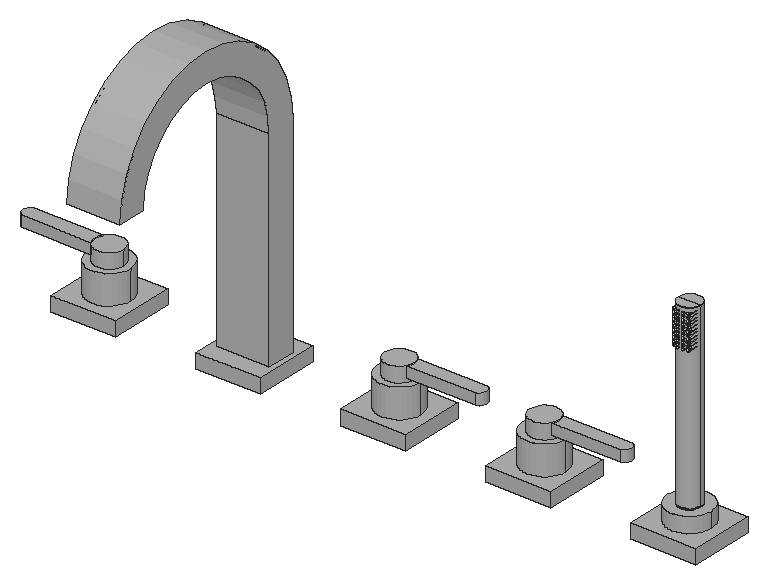
Revit family "SB-2533_SPEC-02", category Plumbing Fixtures, Revit 2023
Family settings
  Round Connector Dimension = Use Diameter
  Part Type = Normal
  OmniClass Number = 23.45.00.00
  OmniClass Title = Sanitary, Laundry, and Cleaning Equipment
  Work Plane-Based = No
  Enable Cutting in Views = No
  Always vertical = Yes
  Cut with Voids When Loaded = No
  Maintain Annotation Orientation = No
  Shared = No
  Room Calculation Point = No
Parameters
  Default Elevation = 0' - 0"
Reference planes (in)
  plane 1 "Center (Front/Back)": y = 0
  plane 2: z = 0
  plane 3 "Center (Left/Right)": x = 0
  plane 4: x = -41.51022
  plane 5: x = -39.26022
  plane 6: z = 0.5
  plane 7: y = -1.125
  plane 8: y = 1.125
  plane 9: z = 1.5
  plane 10: z = 2
  plane 11: x = -40.38522
  plane 12: x = -43.38522
  plane 13: x = -30.38522
  plane 14: x = -25.38522
  plane 15: x = -20.38522
  plane 16: x = -35.38522
  plane 17: z = 11.8125
  plane 18: y = -6.4375
Forms (in)
  Extrusion 1, solid, material "Metal Finishes"
    sketch origin (0, 0, 0) x (1, 0, 0) y (0, 0, 1)
      loop
        line (-41.51022, 0.5) -> (-41.51022, 0) -> (-39.26022, 0) -> (-39.26022, 0.5) -> (-41.51022, 0.5)
    from -1.125 to 1.125
  Extrusion 2, solid, material "Metal Finishes"
    sketch origin (0, 0, 0) x (1, 0, 0) y (0, 1, 0)
      loop
        circle (-40.38522, 0) r 0.75
    from 0.5 to 1.5
  Extrusion 3, solid, material "Metal Finishes"
    sketch origin (0, 0, 0) x (1, 0, 0) y (0, 1, 0)
      loop
        circle (-40.38522, 0) r 0.5
    from 1.5 to 2
  Extrusion 4, solid, material "Metal Finishes"
    sketch origin (0, 0, 0) x (1, 0, 0) y (0, 1, 0)
      loop
        line (-40.81823, 0.25) -> (-43.20665, 0.25)
        arc (-43.20665, 0.25) -> (-43.38522, 0) -> (-43.20665, -0.25) r 0.26429
        line (-43.20665, -0.25) -> (-40.81823, -0.25)
        arc (-40.81823, -0.25) -> (-40.88522, 0) -> (-40.81823, 0.25) r 0.5
    from 1.63019 to 2
  Extrusion 5, solid, material "Metal Finishes"
    sketch origin (10, 0, 0) x (1, 0, 0) y (0, 0, 1)
      loop
        line (-41.51022, 0.5) -> (-41.51022, 0) -> (-39.26022, 0) -> (-39.26022, 0.5) -> (-41.51022, 0.5)
    from -1.125 to 1.125
  Extrusion 6, solid, material "Metal Finishes"
    sketch origin (10, 0, 0) x (1, 0, 0) y (0, 1, 0)
      loop
        circle (-40.38522, 0) r 0.75
    from 0.5 to 1.5
  Extrusion 7, solid, material "Metal Finishes"
    sketch origin (10, 0, 0) x (1, 0, 0) y (0, 1, 0)
      loop
        circle (-40.38522, 0) r 0.5
    from 1.5 to 2
  Extrusion 8, solid, material "Metal Finishes"
    sketch origin (15, 0, 0) x (1, 0, 0) y (0, 0, 1)
      loop
        line (-41.51022, 0.5) -> (-41.51022, 0) -> (-39.26022, 0) -> (-39.26022, 0.5) -> (-41.51022, 0.5)
    from -1.125 to 1.125
  Extrusion 9, solid, material "Metal Finishes"
    sketch origin (15, 0, 0) x (1, 0, 0) y (0, 1, 0)
      loop
        circle (-40.38522, 0) r 0.75
    from 0.5 to 1.5
  Extrusion 10, solid, material "Metal Finishes"
    sketch origin (15, 0, 0) x (1, 0, 0) y (0, 1, 0)
      loop
        circle (-40.38522, 0) r 0.5
    from 1.5 to 2
  Extrusion 11, solid, material "Metal Finishes"
    sketch origin (5, 0, 0) x (1, 0, 0) y (0, 0, 1)
      loop
        line (-41.51022, 0.5) -> (-41.51022, 0) -> (-39.26022, 0) -> (-39.26022, 0.5) -> (-41.51022, 0.5)
    from -1.125 to 1.125
  Extrusion 12, solid, material "Metal Finishes"
    sketch origin (20, 0, 0) x (1, 0, 0) y (0, 0, 1)
      loop
        line (-41.51022, 0.5) -> (-41.51022, 0) -> (-39.26022, 0) -> (-39.26022, 0.5) -> (-41.51022, 0.5)
    from -1.125 to 1.125
  Extrusion 13, solid, material "Metal Finishes"
    sketch origin (-70.77043, 0, 0) x (-1, 0, 0) y (0, -1, 0)
      loop
        arc (-40.81823, -0.25) -> (-40.88522, 0) -> (-40.81823, 0.25) r 0.5
        line (-40.81823, 0.25) -> (-43.20665, 0.25)
        arc (-43.20665, 0.25) -> (-43.38522, 0) -> (-43.20665, -0.25) r 0.26429
        line (-43.20665, -0.25) -> (-40.81823, -0.25)
    from 1.63019 to 2
  Extrusion 14, solid, material "Metal Finishes"
    sketch origin (-65.77043, 0, 0) x (-1, 0, 0) y (0, -1, 0)
      loop
        arc (-40.81823, -0.25) -> (-40.88522, 0) -> (-40.81823, 0.25) r 0.5
        line (-40.81823, 0.25) -> (-43.20665, 0.25)
        arc (-43.20665, 0.25) -> (-43.38522, 0) -> (-43.20665, -0.25) r 0.26429
        line (-43.20665, -0.25) -> (-40.81823, -0.25)
    from 1.63019 to 2
  Sweep 15, solid, material "Metal Finishes"
    path origin (0, 0, 0) x (0, 1, 0) y (0, 0, 1)
      loop
        line (0, 0.5) -> (0, 7.70117)
        arc (0, 7.70117) -> (-3.21875, 10.91992) -> (-6.4375, 7.70117) r 3.21875
    profile origin (0, 0, 4.10059) x (0, -1, 0) y (1, 0, 0)
      loop
        line (-0.5, -36.29522) -> (0.5, -36.29522) -> (0.5, -34.47663) -> (-0.5, -34.47663) -> (-0.5, -36.29522)
      loop
        line (-0.4375, -36.23272) -> (0.4375, -36.23272) -> (0.4375, -34.53913) -> (-0.4375, -34.53913) -> (-0.4375, -36.23272)
  Extrusion 16, solid, material "Metal Finishes"
    sketch origin (0, 0, 0) x (1, 0, 0) y (0, 1, 0)
      loop
        circle (-20.38522, 0) r 0.75
    from 0.5 to 1.02332
  Extrusion 17, solid, material "Shower Put"
    sketch origin (0, 0, 0) x (1, 0, 0) y (0, 0, 1)
      loop
        circle (-20.30968, 7.08398) r 0.03983
      loop
        circle (-20.30968, 6.97261) r 0.03983
      loop
        circle (-20.30968, 6.86123) r 0.03983
      loop
        circle (-20.30968, 6.74986) r 0.03983
      loop
        circle (-20.30968, 6.63849) r 0.03983
      loop
        circle (-20.30968, 6.52712) r 0.03983
      loop
        circle (-20.30968, 6.41575) r 0.03983
      loop
        circle (-20.30968, 6.30438) r 0.03983
      loop
        circle (-20.30968, 6.193) r 0.03983
      loop
        circle (-20.30968, 6.08163) r 0.03983
      loop
        circle (-20.30968, 5.97026) r 0.03983
    from 0 to 0.39084
  Extrusion 18, solid, material "Shower Put"
    sketch origin (0.15895, 0, 0) x (1, 0, 0) y (0, 0, 1)
      loop
        circle (-20.30968, 7.08398) r 0.03983
      loop
        circle (-20.30968, 6.97261) r 0.03983
      loop
        circle (-20.30968, 6.86123) r 0.03983
      loop
        circle (-20.30968, 6.74986) r 0.03983
      loop
        circle (-20.30968, 6.63849) r 0.03983
      loop
        circle (-20.30968, 6.52712) r 0.03983
      loop
        circle (-20.30968, 6.41575) r 0.03983
      loop
        circle (-20.30968, 6.30438) r 0.03983
      loop
        circle (-20.30968, 6.193) r 0.03983
      loop
        circle (-20.30968, 6.08163) r 0.03983
      loop
        circle (-20.30968, 5.97026) r 0.03983
    from 0 to 0.34919
  Extrusion 19, solid, material "Shower Put"
    sketch origin (-0.17714, 0, 0) x (1, 0, 0) y (0, 0, 1)
      loop
        circle (-20.30968, 7.08398) r 0.03983
      loop
        circle (-20.30968, 6.97261) r 0.03983
      loop
        circle (-20.30968, 6.86123) r 0.03983
      loop
        circle (-20.30968, 6.74986) r 0.03983
      loop
        circle (-20.30968, 6.63849) r 0.03983
      loop
        circle (-20.30968, 6.52712) r 0.03983
      loop
        circle (-20.30968, 6.41575) r 0.03983
      loop
        circle (-20.30968, 6.30438) r 0.03983
      loop
        circle (-20.30968, 6.193) r 0.03983
      loop
        circle (-20.30968, 6.08163) r 0.03983
      loop
        circle (-20.30968, 5.97026) r 0.03983
    from 0 to 0.39084
  Extrusion 20, solid, material "Shower Put"
    sketch origin (-0.33672, 0, 0) x (1, 0, 0) y (0, 0, 1)
      loop
        circle (-20.30968, 7.08398) r 0.03983
      loop
        circle (-20.30968, 6.97261) r 0.03983
      loop
        circle (-20.30968, 6.86123) r 0.03983
      loop
        circle (-20.30968, 6.74986) r 0.03983
      loop
        circle (-20.30968, 6.63849) r 0.03983
      loop
        circle (-20.30968, 6.52712) r 0.03983
      loop
        circle (-20.30968, 6.41575) r 0.03983
      loop
        circle (-20.30968, 6.30438) r 0.03983
      loop
        circle (-20.30968, 6.193) r 0.03983
      loop
        circle (-20.30968, 6.08163) r 0.03983
      loop
        circle (-20.30968, 5.97026) r 0.03983
    from 0 to 0.34919
  Revolve 21, solid, material "Metal Finishes"
    sketch origin (0, 0, 0) x (1, 0, 0) y (0, 0, 1)
      loop
        line (-20.38522, 7.26367) -> (-20.38522, 1.02332) -> (-20.00086, 1.02332) -> (-20.03051, 1.03912) -> (-20.00086, 1.05988) -> (-20.00086, 7.23864) -> (-20.03908, 7.23864) -> (-20.00196, 7.26367) -> (-20.38522, 7.26367)
      axis (-20.38522, 1.02332) -> (-20.38522, 7.26367)
    angle from 0 to 360
Dimensions and locks (in)
  plane 17 to level = 0' - 11 13/16"  (x2)
  plane 18 to plane 1 "Center (Front/Back)" = 0' - 6 7/16"  (x2)
  Extrusion 12 to plane 12 = 2' - 0 1/8"
  plane 11 to plane 13 = 0' - 10"
  plane 13 to plane 14 to plane 15 = 0' - 5", 0' - 5"
  Extrusion 11 to Extrusion 11 = 0' - 2 1/4"
  Extrusion 12 to Extrusion 12 = 0' - 2 1/4"
  Extrusion 8 to Extrusion 8 = 0' - 2 1/4"
  plane 7 to plane 8 = 0' - 2 1/4"  (x2)
  plane 7 to plane 1 "Center (Front/Back)" = 0' - 1 1/8"
  plane 1 "Center (Front/Back)" to plane 8 = 0' - 1 1/8"
  Sweep 15 to plane 8 = 0' - 8 1/16"
  aligned and locked: level to plane 2
  aligned and locked: Extrusion 1 sketch curve to plane 6
  aligned and locked: plane 4 to Extrusion 1 sketch curve
  aligned and locked: Extrusion 1 sketch curve to plane 5
  aligned and locked: Extrusion 1 to plane 8
  aligned and locked: Extrusion 1 to plane 7
  aligned and locked: Extrusion 1 to plane 4
  aligned and locked: plane 5 to Extrusion 1
  aligned and locked: Extrusion 1 to plane 2
  aligned and locked: plane 6 to Extrusion 1
  aligned and locked: Extrusion 2 to plane 6
  aligned and locked: plane 10 to Extrusion 3
  aligned and locked: plane 10 to Extrusion 4
  aligned and locked: plane 6 to Extrusion 16
  aligned and locked: Extrusion 16 to plane 6
  aligned and locked: Extrusion 11 to plane 8
  aligned and locked: Extrusion 11 to plane 7
  aligned and locked: Extrusion 5 to plane 8
  aligned and locked: Extrusion 5 to plane 7
  aligned and locked: Extrusion 8 to plane 8
  aligned and locked: Extrusion 8 to plane 7
  aligned and locked: Extrusion 12 to plane 8
  aligned and locked: Extrusion 12 to plane 7
